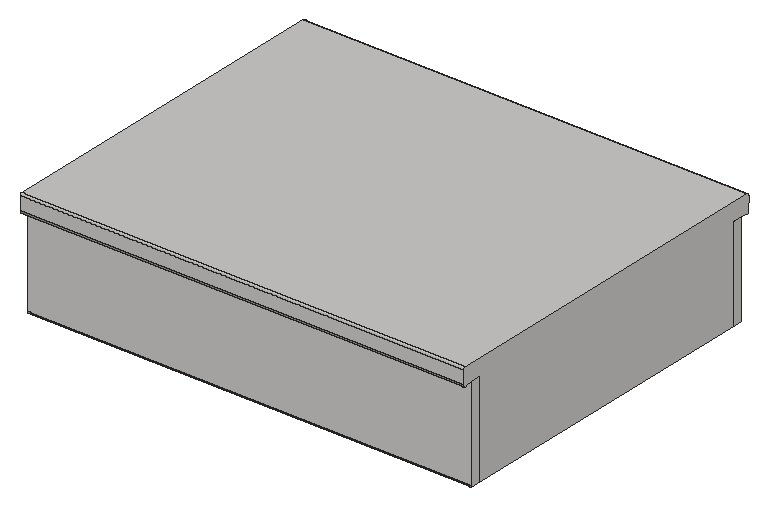
Revit family "QF_ELECTROLUXPROFESSIONAL_588120_MANABAJOOO", category Specialty Equipment, Revit 2018
Family settings
  Round Connector Dimension = Use Diameter
  Part Type = Normal
  Work Plane-Based = No
  Always vertical = Yes
  Cut with Voids When Loaded = No
  Shared = No
  Room Calculation Point = No
Parameters
  Weight in Pounds = 52.91
  URL Cutsheet = "www.electrolux.com/professional"
  URL = "www.electrolux.com/professional"
  Type Mark [instance] = ""
  Status [instance] = ""
  Specification by User [instance] = ""
  Specification by Manufacturer = ""
  Serial Number = ""
  Seismic Rating = ""
  SMACNA No = ""
  Revision Code [instance] = ""
  Omniclass Number and Title = ""
  NAFEM Spec ID Number = ""
  Model = "588120"
  Masterspec = ""
  Manufacturer = "ELECTROLUX"
  Item Number [instance] = ""
  Installed By [instance] = ""
  Identify Quantity as Lot [instance] = yes
  Furnished By [instance] = ""
  Foodservice Equipment Identifier [instance] = yes
  Direct Waste Size = 0"
  Description = "CLOSED WORK TOP,1-SIDE,1000X800X250H"
  CSI MasterFormat = ""
  CSI Master Format = ""
Reference planes
  plane 1 "BACK": y = 0
  plane 2: z = 0
  plane 3 "LEFT": x = 0
  plane 4 "RIGHT": x = 1000
  plane 5 "FRONT": y = -800
  plane 6 "TOP": z = 250
  plane 7 "Center Y": x = 500
  plane 8 "Center X": y = -400
Forms (mm)
  Extrusion 1, solid, material "QF_Finishes_Stainless Steel"
    sketch origin (0, 50.048, 0) x (0, 1, 0) y (0, 0, 1)
      loop
        line (-95.048, 213) -> (-71.412, 213) -> (-54.743, 210.061)
        arc (-54.743, 210.061) -> (-51.477, 210.936) -> (-50.048, 214) r 4
        line (-50.048, 214) -> (-50.048, 246)
        arc (-50.048, 246) -> (-51.22, 248.828) -> (-54.048, 250) r 4
        line (-54.048, 250) -> (-846.048, 250)
        arc (-846.048, 250) -> (-848.877, 248.828) -> (-850.048, 246) r 4
        line (-850.048, 246) -> (-850.048, 214)
        arc (-850.048, 214) -> (-848.619, 210.936) -> (-845.353, 210.061) r 4
        line (-845.353, 210.061) -> (-828.509, 213) -> (-805.048, 213) -> (-805.048, 0) -> (-95.048, 0) -> (-95.048, 213)
    from 0 to 1000
  Extrusion 2, solid, material "QF_Finishes_Stainless Steel"
    sketch origin (0, 50.048, 0) x (0, 1, 0) y (0, 0, 1)
      loop
        arc (-828.048, 213) -> (-829.462, 212.414) -> (-830.048, 211) r 2
        line (-830.048, 211) -> (-830.048, 2)
        arc (-830.048, 2) -> (-829.462, 0.586) -> (-828.048, 0) r 2
        line (-828.048, 0) -> (-805.048, 0) -> (-805.048, 213) -> (-828.048, 213)
      loop
        line (-72.048, 213) -> (-95.048, 213) -> (-95.048, 0) -> (-72.048, 0)
        arc (-72.048, 0) -> (-70.634, 0.586) -> (-70.048, 2) r 2
        line (-70.048, 2) -> (-70.048, 211)
        arc (-70.048, 211) -> (-70.634, 212.414) -> (-72.048, 213) r 2
    from 0 to 1000
Lines and regions (mm)
  symbolic lines
    curve 1: line (0, 0, 0) -> (1000, 0, 0)
    curve 2: line (0, -800, 0) -> (0, 0, 0)
    curve 3: line (1000, -800, 0) -> (0, -800, 0)
    curve 4: line (1000, 0, 0) -> (1000, -800, 0)
Dimensions and locks
  equal spacing: plane 3 "LEFT", plane 7 "Center Y", plane 4 "RIGHT"
  plane 3 "LEFT" to plane 4 "RIGHT" = 1000.00 mm
  equal spacing: plane 5 "FRONT", plane 8 "Center X", plane 1 "BACK"
  plane 5 "FRONT" to plane 1 "BACK" = 800.00 mm
  plane 6 "TOP" to level = 250.00 mm
  aligned and locked: level to plane 2
  aligned and locked: Extrusion 1 to plane 4 "RIGHT"
  aligned and locked: Extrusion 2 to plane 4 "RIGHT"
Automatic sketch dimensions
  Extrusion 1 sketch curve to plane 6 "TOP" = 0.00 mm
  Extrusion 1 sketch curve to level = 0.00 mm
  Extrusion 1 sketch curve to plane 6 "TOP" = 36.00 mm
  plane 5 "FRONT" to Extrusion 1 sketch curve = 0.00 mm
  Extrusion 1 sketch curve to plane 6 "TOP" = 39.939 mm
  Extrusion 1 sketch curve to Extrusion 1 sketch curve = 4.00 mm
  Extrusion 1 sketch curve to Extrusion 1 sketch curve = 4.695 mm  (x2)
  Extrusion 1 sketch curve to Extrusion 1 sketch curve = 16.844 mm
  Extrusion 1 sketch curve to plane 5 "FRONT" = 45.00 mm
  plane 1 "BACK" to Extrusion 1 sketch curve = 45.00 mm
  Extrusion 1 sketch curve to Extrusion 1 sketch curve = 23.636 mm
  Extrusion 1 sketch curve to Extrusion 1 sketch curve = 17.364 mm
  Extrusion 1 sketch curve to Extrusion 1 sketch curve = 21.364 mm
  Extrusion 1 sketch curve to Extrusion 1 sketch curve = 0.00 mm  (x2)
  Extrusion 1 sketch curve to Extrusion 1 sketch curve = 0.695 mm
  Extrusion 1 sketch curve to plane 6 "TOP" = 37.00 mm  (x2)
  Extrusion 1 sketch curve to Extrusion 1 sketch curve = 1.00 mm
  Extrusion 2 sketch curve to level = 0.00 mm  (x2)
  level to Extrusion 2 sketch curve = 2.00 mm  (x2)
  Extrusion 2 sketch curve to plane 5 "FRONT" = 20.00 mm
  Extrusion 2 sketch curve to Extrusion 2 sketch curve = 2.00 mm
  Extrusion 2 sketch curve to Extrusion 2 sketch curve = 23.00 mm
  plane 1 "BACK" to Extrusion 2 sketch curve = 45.00 mm
  plane 1 "BACK" to Extrusion 2 sketch curve = 22.00 mm  (x2)
  Extrusion 2 sketch curve to plane 6 "TOP" = 39.00 mm  (x2)
  curve 3 to plane 3 "LEFT" = 0.00 mm
  curve 3 to plane 4 "RIGHT" = 0.00 mm
  plane 1 "BACK" to curve 2 = 0.00 mm
  curve 4 to plane 5 "FRONT" = 0.00 mm
